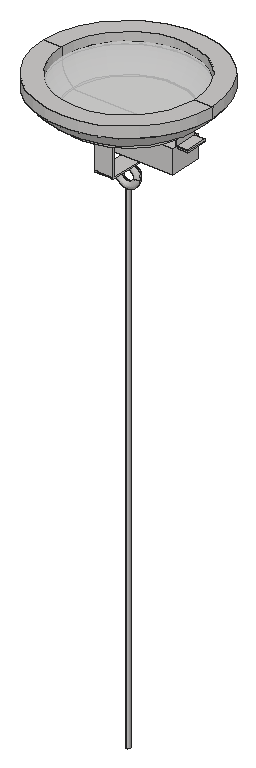
Revit family "0039315", category Lighting Fixtures, host Face, Revit 2017
Family settings
  Host = Face
  Round Connector Dimension = Use Diameter
  Part Type = Normal
  OmniClass Number = 23.80.70.11.17
  OmniClass Title = Specialized Lighting by Location or Use
  Cut with Voids When Loaded = No
  Light Source = Yes
  Shared = No
  Room Calculation Point = No
Parameters (values of type "START LED HIGHBAY 4000K 10KLM MEDIUM DALI")
  Weight = 2.5 kg
  Wattage = 96.771 W
  built-in parameter 1150110 = 1 (stored number, unit not read)
  Voltage Comments = "UNV (Universal Voltage; 220-240 Volt)"  # constant formula
  Voltage = 230 V  # constant formula
  URL = "https://www.sylvania-lighting.com"
  Radius = 140.2 mm
  Mounting Material = Metal_Sylvania_Start LED HighBay_Silver
  Mounting Height = 1000.0 mm
  Mounting Radius = 50.0 mm
  Mounting Brackets Distance = Radius - 45.5 mm  # 94.7 mm
  Mounting Bracket Width = 100.0 mm
  Mounting Bracket Length = 30.0 mm
  Housing Material = Magnesium_Sylvania_Start LED HighBay_Silver_RAL 9006
  Energy Class = "A++,A+,A"  # constant formula
  Electrical Protection = "CLASS I"  # constant formula
  Diffuser Radius = Radius - 30.0 mm  # 110.2 mm
  built-in parameter 1114217 = 1 (stored number, unit not read)
  Tilt Angle = -90°
  built-in parameter 1150109 = 1 (stored number, unit not read)
  built-in parameter 1150134 = 12
  built-in parameter 1150113 = 1 (stored number, unit not read)
  Product Page URL = "https://www.sylvania-lighting.com/product/en-int/products/0039315"
  Product Family = "Start LED Highbay"  # constant formula
  Photometry Comments = ""
  Photometric Web File = "0039315_STARTLEDHIGHBAY4000K10KLMMEDIUMDALI-207920.ies"
  Life = "50 000 h"  # constant formula
  IP Rating = "IP65"  # constant formula
  IK Rating = "IK08"  # constant formula
  Emit from Circle Diameter = Diffuser Diameter  # 220.4 mm
  Drive Current = "2450 mA"
  Diffuser Diameter = Diameter - 60.0 mm  # 220.4 mm
  Diffuser Material = Polycarbonate_Sylvania_Start LED HighBay_Clear
  built-in parameter 1114216 [instance] = 1 (stored number, unit not read)
  Model = "START LED HIGHBAY 4000K 10KLM MEDIUM DALI"
  Manufacturer = "Feilo-Sylvania Group"
  built-in parameter 1150105 = 856.17 (stored number, unit not read)
  Lumens = 10759 lm
  built-in parameter 1150115 = 1 (stored number, unit not read)
  built-in parameter 1150137 = (empty or 0)
  built-in parameter 1150139 = (empty or 0)
  built-in parameter 1150112 = 1 (stored number, unit not read)
  built-in parameter 1150114 = 1 (stored number, unit not read)
  Lamp = "LED Panel"  # constant formula
  built-in parameter 1150132 = 2
  built-in parameter 1150102 = (empty or 0)
  built-in parameter 1150107 = 4000 (stored number, unit not read)
  built-in parameter 1150138 = (empty or 0)
  built-in parameter 1150106 = 8.5617 (stored number, unit not read)
  Diameter = Radius * 2  # 280.4 mm
  Emit Shape Visible in Rendering = yes
  built-in parameter 1150104 = 10.329 (stored number, unit not read)
  Dimming Lamp Color Temperature Shift = <None>
  Description = "The new Start LED Highbay is a range of industrial fixtures developed for retail, industry, manufacturing, airports and data centres. Start LED Highbay delivers high performance: up to 21,573 lm (luminaire lumen output on 190W version) and delivers up to 114 lm/W (total system efficiency). Start LED Highbay is available in 2 versions (95W or 190W) and 2 beam angles (medium or wide beam), allowing you to choose the best option depending the job on hand. Being part of the EVO LED range of luminaires means Start LED Highbay has been developed for efficiency, functionality and reliability; making it the go-to range for installers and contractors."  # constant formula
  Default Elevation = 0.0 mm
  Color Filter = 16777215
  Catalog Number = "0039315 START LED HIGHBAY 4000K 10KLM MEDIUM DALI"
  built-in parameter 1140040 [instance] = 1
  Beam Angle = 55°
  built-in parameter 1114218 = 1 (stored number, unit not read)
  built-in parameter 1150133 = 10 (stored number, unit not read)
  Assembly Code = "D5020200"
  Apparent Load Comments = ""
  Apparent Load = 95 VA
Reference planes
  plane 1 "Center (Front/Back)": y = 0
  plane 2 "Fixture Top": z = 0
  plane 3 "Center (Left/Right)": x = 0
  plane 4 "Fixture Bottom": z = 1000
  plane 5: z = 982
  plane 6 "Head Top": z = 942
  plane 7: z = 986.5
  plane 8: z = 850
  plane 9: z = 932
  plane 10: z = 894.5
  plane 11: z = 870
  plane 12: z = 945
  plane 13: y = -50
  plane 14: y = 50
  plane 15: x = 15
  plane 16: x = -15
  plane 17: y = -17.5
  plane 18: y = 17.5
  plane 19: x = -94.7
  plane 20: x = 94.7
  plane 21: y = -25.5
  plane 22: y = 25.5
Forms (mm)
  Revolve 1, solid, material "Magnesium_Sylvania_Start LED HighBay_Silver_RAL 9006" <- "Housing Material", detail levels fine
    sketch origin (0, 0, 0) x (1, 0, 0) y (0, 0, 1)
      loop
        line (-140.2, 1000) -> (-140.2, 982)
        arc (-140.2, 982) -> (-119.514, 960.962) -> (-94.7, 945) r 133.031
        line (-94.7, 945) -> (-94.7, 942) -> (0, 942) -> (0, 945) -> (-91.718, 945) -> (-91.718, 947)
        arc (-91.718, 947) -> (-105.296, 962.21) -> (-110.2, 982) r 42.382
        line (-110.2, 982) -> (-110.2, 1000) -> (-140.2, 1000)
      axis (0, 1000) -> (0, 942)
    angle from 0 to 360
  Extrusion 2, solid, material "Metal_Sylvania_Start LED HighBay_Silver" <- "Mounting Material", detail levels fine
    sketch origin (0, 0, 0) x (0, 1, 0) y (0, 0, 1)
      loop
        line (50, 942) -> (48, 942) -> (48, 874)
        arc (48, 874) -> (47.414, 872.586) -> (46, 872) r 2
        line (46, 872) -> (-46, 872)
        arc (-46, 872) -> (-47.414, 872.586) -> (-48, 874) r 2
        line (-48, 874) -> (-48, 942) -> (-50, 942) -> (-50, 872)
        arc (-50, 872) -> (-49.414, 870.586) -> (-48, 870) r 2
        line (-48, 870) -> (48, 870)
        arc (48, 870) -> (49.414, 870.586) -> (50, 872) r 2
        line (50, 872) -> (50, 942)
    from -15 to 15
  Sweep 3, solid, material "Metal_Sylvania_Start LED HighBay_Silver" <- "Mounting Material", detail levels fine
    path origin (0, 0, 0) x (1, 0, 0) y (0, 0, 1)
      loop
        circle (0, 850) r 15
    profile origin (0, 0, 865) x (0, 0, -1) y (0, -1, 0)
      loop
        circle (0, 0) r 5
  Extrusion 4, solid, material "Magnesium_Sylvania_Start LED HighBay_Silver_RAL 9006" <- "Housing Material", detail levels fine
    sketch origin (0, 0, 0) x (1, 0, 0) y (0, 0, 1)
      loop
        line (-94.7, 942) -> (-94.7, 934) -> (-112.7, 934) -> (-112.7, 932) -> (-92.7, 932) -> (-92.7, 940) -> (-74.7, 940) -> (-74.7, 942) -> (-94.7, 942)
      loop
        line (94.7, 942) -> (74.7, 942) -> (74.7, 940) -> (92.7, 940) -> (92.7, 932) -> (112.7, 932) -> (112.7, 934) -> (94.7, 934) -> (94.7, 942)
    from -17.5 to 17.5
  Extrusion 5, solid, material "Magnesium_Sylvania_Start LED HighBay_Silver_RAL 9006" <- "Housing Material", detail levels fine
    sketch origin (0, 0, 0) x (0, 1, 0) y (0, 0, 1)
      loop
        line (25.5, 894.5) -> (25.5, 932) -> (-25.5, 932) -> (-25.5, 894.5) -> (25.5, 894.5)
    from -94.7 to 94.7
  Extrusion 6, solid, material "Magnesium_Sylvania_Start LED HighBay_Silver_RAL 9006" <- "Housing Material", detail levels fine
    sketch origin (0, 0, 0) x (1, 0, 0) y (0, 0, 1)
      loop
        line (-112.7, 932) -> (-112.7, 930) -> (-94.7, 930) -> (-94.7, 932) -> (-112.7, 932)
      loop
        line (112.7, 932) -> (94.7, 932) -> (94.7, 930) -> (112.7, 930) -> (112.7, 932)
    from -17.5 to 17.5
  Extrusion 7, solid, material "Metal_Sylvania_Start LED HighBay_Silver" <- "Mounting Material", detail levels fine
    sketch origin (0, 0, 13.919) x (0, -1, 0) y (1, 0, 0)
      loop
        circle (0, 0) r 3
    from -13.919 to 821.081
  Extrusion 8, solid, material "Polycarbonate_Sylvania_Start LED HighBay_Clear" <- "Diffuser Material", detail levels fine
    sketch origin (0, 0, 15) x (0, -1, 0) y (1, 0, 0)
      loop
        circle (0, 0) r 110.2
    from 967 to 971.5
  Revolve 9, solid, material "Magnesium_Sylvania_Start LED HighBay_Silver_RAL 9006" <- "Housing Material", detail levels coarse+medium
    sketch origin (0, 0, 0) x (1, 0, 0) y (0, 0, 1)
      loop
        line (-140.2, 1000) -> (-140.2, 982)
        arc (-140.2, 982) -> (-119.514, 960.962) -> (-94.7, 945) r 133.031
        line (-94.7, 945) -> (-94.7, 942) -> (0, 942) -> (0, 1000) -> (-140.2, 1000)
      axis (0, 942) -> (0, 1000)
    angle from 0 to 360
  Extrusion 10, solid, material "Metal_Sylvania_Start LED HighBay_Silver" <- "Mounting Material", detail levels coarse+medium
    sketch origin (0, 0, 15) x (0, -1, 0) y (1, 0, 0)
      loop
        line (-50, -15) -> (50, -15) -> (50, 15) -> (-50, 15) -> (-50, -15)
    from 855 to 927
Cuts and joins
  joined: Extrusion 5, Extrusion 6
  joined: Sweep 3, Extrusion 7
Lines and regions (mm)
  model lines, detail levels coarse+medium
    curve 1: line (0, 0, 870) -> (0, 0, 0)
Dimensions and locks
  "Radius": plane 3 "Center (Left/Right)" to Revolve 1 sketch curve
  "Diffuser Radius": plane 3 "Center (Left/Right)" to Revolve 1 sketch curve
  locked: Revolve 1 sketch curve to Revolve 1 sketch curve at 45.5
  locked: Revolve 1 sketch curve to Revolve 1 sketch curve at 48.482
  equal spacing: plane 14, plane 1 "Center (Front/Back)", plane 13
  "Mounting Bracket Width": plane 14 to plane 13
  locked: plane 14 to Extrusion 2 sketch curve at 2
  locked: Extrusion 2 sketch curve to plane 13 at 2
  locked: Extrusion 2 sketch curve to plane 11 at 2
  equal spacing: plane 16, plane 3 "Center (Left/Right)", plane 15
  "Mounting Bracket Length": plane 16 to plane 15
  plane 17 to plane 21 to plane 13 = 8.0 mm locked, 24.5 mm
  plane 14 to plane 22 to plane 18 = 24.5 mm locked, 8.0 mm
  locked: plane 9 to Extrusion 4 sketch curve at 2  (x2)
  locked: Extrusion 4 sketch curve to plane 6 "Head Top" at 2  (x2)
  Extrusion 4 sketch curve to Extrusion 4 sketch curve to Extrusion 4 sketch curve to Extrusion 4 sketch curve = 18.0 mm locked, 2.0 mm locked, 18.0 mm locked  (x2)
  "Mounting Brackets Distance": Extrusion 4 sketch curve to plane 3 "Center (Left/Right)"  (x2)
  plane 1 "Center (Front/Back)" to Extrusion 5 sketch curve = 25.5 mm
  Extrusion 5 sketch curve to plane 1 "Center (Front/Back)" = 25.5 mm
  locked: plane 9 to Extrusion 6 sketch curve at 2
  locked: Extrusion 6 sketch curve to Extrusion 6 sketch curve at 2
  locked: plane 8 to Extrusion 7 at 15
  plane 4 "Fixture Bottom" to plane 7 to plane 5 to plane 12 to plane 6 "Head Top" to plane 9 to plane 10 to plane 11 to plane 8 = 13.5 mm locked, 4.5 mm locked, 37.0 mm, 3.0 mm locked, 10.0 mm locked, 37.5 mm locked, 24.5 mm locked, 20.0 mm locked
  "Mounting Height": plane 4 "Fixture Bottom" to plane 2 "Fixture Top"
  locked: Revolve 9 sketch curve to Revolve 9 sketch curve at 45.5
  "Radius": imposter light to Revolve 9 sketch curve
  locked: Revolve 1 sketch curve to plane 12 at 2
  equal spacing: plane 20, plane 3 "Center (Left/Right)", plane 19
  "Mounting Brackets Distance": plane 3 "Center (Left/Right)" to plane 19
  "Diffuser Diameter": diameter of Extrusion 8 sketch curve
  aligned and locked: plane 2 "Fixture Top" to host face
  aligned and locked: level to host face
  aligned and locked: plane 1 "Center (Front/Back)" to imposter light
  aligned and locked: Revolve 1 sketch curve to plane 6 "Head Top"
  aligned and locked: Revolve 1 sketch curve to plane 3 "Center (Left/Right)"  (x2)
  aligned and locked: plane 5 to Revolve 1 sketch curve  (x2)
  aligned and locked: plane 4 "Fixture Bottom" to Revolve 1 sketch curve
  aligned and locked: Revolve 1 sketch curve to plane 12
  aligned and locked: Extrusion 2 sketch curve to plane 14
  aligned and locked: plane 13 to Extrusion 2 sketch curve
  aligned and locked: plane 6 "Head Top" to Extrusion 2 sketch curve
  aligned and locked: Extrusion 2 sketch curve to plane 11
  aligned and locked: Extrusion 2 to plane 15
  aligned and locked: Extrusion 2 to plane 16
  aligned and locked: plane 17 to Extrusion 4
  aligned and locked: plane 18 to Extrusion 4
  aligned and locked: plane 9 to Extrusion 5 sketch curve
  aligned and locked: Extrusion 5 sketch curve to plane 10
  aligned and locked: plane 20 to Extrusion 5
  aligned and locked: plane 19 to Extrusion 5
  aligned and locked: Extrusion 6 sketch curve to Extrusion 4  (x4)
  aligned and locked: plane 19 to Extrusion 6 sketch curve
  aligned and locked: Extrusion 6 sketch curve to plane 20
  aligned and locked: plane 18 to Extrusion 6
  aligned and locked: plane 17 to Extrusion 6
  aligned and locked: cut or joined group of Sweep 3, Extrusion 7 to plane 2 "Fixture Top"
  aligned and locked: plane 7 to Extrusion 8
  aligned and locked: Extrusion 8 to plane 5
  aligned and locked: imposter light to plane 4 "Fixture Bottom"
  aligned and locked: plane 3 "Center (Left/Right)" to imposter light
  aligned and locked: imposter light to Revolve 9 sketch curve
  aligned and locked: plane 5 to Revolve 9 sketch curve
  aligned and locked: plane 12 to Revolve 9 sketch curve
  aligned and locked: Revolve 9 sketch curve to plane 6 "Head Top"
  aligned and locked: Revolve 9 sketch curve to plane 3 "Center (Left/Right)"
  aligned and locked: Revolve 9 sketch curve to imposter light
  aligned and locked: plane 15 to Extrusion 10 sketch curve
  aligned and locked: Extrusion 10 sketch curve to plane 16
  aligned and locked: plane 14 to Extrusion 10 sketch curve
  aligned and locked: Extrusion 10 sketch curve to plane 13
  aligned and locked: plane 6 "Head Top" to Extrusion 10
  aligned and locked: Extrusion 10 to plane 11
  aligned and locked: plane 2 "Fixture Top" to curve 1
  aligned and locked: curve 1 to plane 3 "Center (Left/Right)"
  aligned and locked: plane 11 to curve 1
  aligned and locked: plane 21 to cut or joined group of Extrusion 5, Extrusion 6
  aligned and locked: plane 22 to cut or joined group of Extrusion 5, Extrusion 6
Automatic sketch dimensions
  host sketch curve to host sketch curve = 1305.563 mm
  host sketch curve to host sketch curve = 1283.632 mm
  Extrusion 2 sketch curve to plane 6 "Head Top" = 0.0 mm
  Extrusion 2 sketch curve to plane 13 = 2.0 mm
  Extrusion 2 sketch curve to Extrusion 2 sketch curve = 2.0 mm  (x2)
  plane 14 to Extrusion 2 sketch curve = 2.0 mm
  Sweep 3 sketch curve to plane 3 "Center (Left/Right)" = 0.0 mm
  Sweep 3 sketch curve to plane 8 = 0.0 mm
  Sweep 3 sketch curve to plane 1 "Center (Front/Back)" = 0.0 mm
  Sweep 3 sketch curve to profile plane = 0.0 mm
  plane 1 "Center (Front/Back)" to Extrusion 7 sketch curve = 0.0 mm
  Extrusion 7 sketch curve to plane 3 "Center (Left/Right)" = 0.0 mm
  Revolve 1 sketch curve to plane 12 = 0.0 mm
  plane 16 to Revolve 1 sketch curve = 20.583 mm
  Revolve 1 sketch curve to level = 372.274 mm
  Revolve 1 sketch curve to Revolve 1 sketch curve = 303.842 mm
  Extrusion 4 sketch curve to plane 9 = 0.0 mm  (x2)
  Extrusion 4 sketch curve to plane 6 "Head Top" = 0.0 mm  (x2)
  plane 1 "Center (Front/Back)" to Extrusion 8 sketch curve = 0.0 mm
  Extrusion 8 sketch curve to plane 3 "Center (Left/Right)" = 0.0 mm
  plane 16 to Revolve 9 sketch curve = 20.583 mm
  Revolve 9 sketch curve to plane 8 = 154.8 mm
  Revolve 9 sketch curve to Revolve 9 sketch curve = 240.626 mm
  radius of Sweep 3 sketch curve = 15.0 mm
  radius of Sweep 3 sketch curve = 5.0 mm
  radius of Extrusion 7 sketch curve = 3.0 mm
Connectors
  electrical at (0, 0, 0), driven by "Voltage", driven by "Apparent Load"
    settings: on cut or joined group of Sweep 3, Extrusion 7, index 1, voltage 230 V, apparent load 0 VA, apparent load phase1 95 VA, apparent load phase2 0 VA, apparent load phase3 0 VA, power factor 1, load classification "Lighting", number of poles 1, system type 31, power factor state 1, is connector primary yes, connector utility no, sub classification motor no, connector description ""
